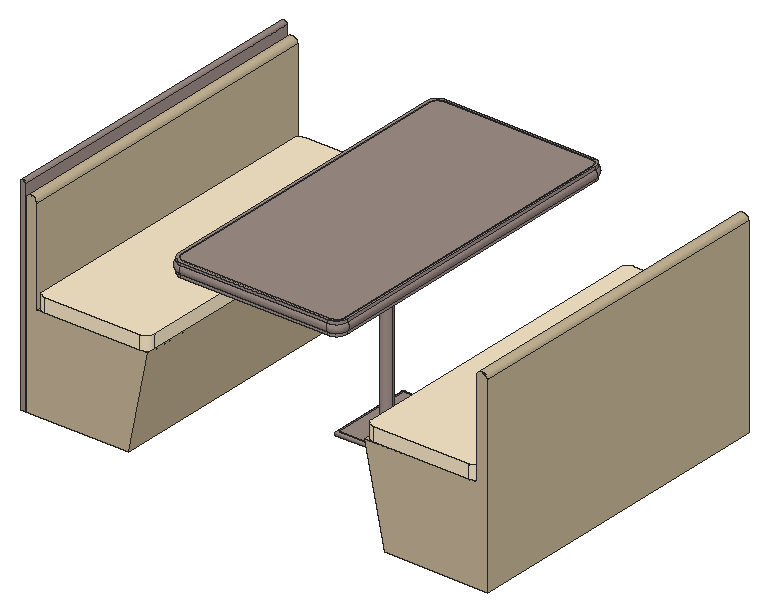
Revit family
Parameters
  Width = 600 mm
  Table material = Wood (1)
  Length = 1200 mm
  Height-table = 700 mm
  Height-chair = 350 mm
  Cushion Material = Fabric
  Chair material = Wood (2)
Reference planes
  plane 1 "Center (Front/Back)": y = 0
  plane 2: z = 0
  plane 3 "Center (Left/Right)": x = 0
  plane 4: x = -300
  plane 5: x = 300
  plane 6: y = 600
  plane 7: y = -600
  plane 8: z = 700
  plane 9: z = 350
  plane 10: x = -400
  plane 11: x = 400
  plane 12: x = -870
Forms (mm)
  Extrusion 1, solid, material "Wood (1)" <- "Table material"
    sketch origin (0, 0, 0) x (1, 0, 0) y (0, 1, 0)
      loop
        line (60, -150) -> (60, 150) -> (-60, 150) -> (-60, -150) -> (60, -150)
    from 0 to 15
  Extrusion 2, solid, material "Wood (1)" <- "Table material"
    sketch origin (0, 0, 700) x (-1, 0, 0) y (0, 1, 0)
      loop
        line (270, 600) -> (-270, 600)
        arc (-270, 600) -> (-291.213, 591.213) -> (-300, 570) r 30
        line (-300, 570) -> (-300, -570)
        arc (-300, -570) -> (-291.213, -591.213) -> (-270, -600) r 30
        line (-270, -600) -> (270, -600)
        arc (270, -600) -> (291.213, -591.213) -> (300, -570) r 30
        line (300, -570) -> (300, 570)
        arc (300, 570) -> (291.213, 591.213) -> (270, 600) r 30
    from 0 to 20
  Extrusion 3, solid, material "Wood (1)" <- "Table material"
    sketch origin (0, 0, 700) x (-1, 0, 0) y (0, 1, 0)
      loop
        line (-10, 550) -> (-10, 10) -> (-250, 10) -> (-250, -10) -> (-10, -10) -> (-10, -550) -> (10, -550) -> (10, -10) -> (250, -10) -> (250, 10) -> (10, 10) -> (10, 550) -> (-10, 550)
    from 20 to 35
  Extrusion 4, solid, material "Wood (1)" <- "Table material"
    sketch origin (0, 0, 0) x (1, 0, 0) y (0, 1, 0)
      loop
        circle (0, 0) r 20
    from 15 to 665
  Sweep 5, solid, material "Wood (1)" <- "Table material"
    path origin (0, 0, 0) x (1, 0, 0) y (0, 1, 0)
      loop
        line (-60, 150) -> (-60, -150) -> (60, -150) -> (60, 150) -> (-60, 150)
    profile origin (0, 0, 0) x (0, 1, 0) y (0, 0, 1)
      loop
        line (150, 15) -> (150, 0)
        arc (150, 0) -> (157.5, 7.5) -> (150, 15) r 7.5
  Extrusion 6, solid, material "Wood (1)"
    sketch origin (0, 0, 0) x (1, 0, 0) y (0, 1, 0)
      loop
        line (-870, 600) -> (-870, -600) -> (-850, -600) -> (-850, 600) -> (-870, 600)
    from 0 to 750
  Extrusion 7, solid, material "Wood (2)"
    sketch origin (0, 0, 0) x (1, 0, 0) y (0, 0, 1)
      loop
        line (-850, 700) -> (-850, 0) -> (-470.531, 0) -> (-400, 350) -> (-810, 350) -> (-810, 700) -> (-850, 700)
      loop
        line (850, 700) -> (810, 700) -> (810, 350) -> (400, 350) -> (470.531, 0) -> (850, 0) -> (850, 700)
    from 600 to -600
  Sweep 8, solid, material "Wood (1)"
    path origin (0, 0, 0) x (1, 0, 0) y (0, 1, 0)
      loop
        line (-860, 600) -> (-860, -600)
    profile origin (0, 0, 0) x (1, 0, 0) y (0, 0, 1)
      loop
        line (-870, 750) -> (-850, 750)
        arc (-850, 750) -> (-860, 760) -> (-870, 750) r 10
  Sweep 9, solid, material "Wood (2)"
    path origin (0, 0, 0) x (1, 0, 0) y (0, 1, 0)
      loop
        line (-830, 600) -> (-830, -600)
    profile origin (0, 0, 0) x (1, 0, 0) y (0, 0, 1)
      loop
        line (-850, 700) -> (-810, 700)
        arc (-810, 700) -> (-830, 720) -> (-850, 700) r 20
  Sweep 10, solid, material "Wood (2)"
    path origin (0, 0, 0) x (1, 0, 0) y (0, 1, 0)
      loop
        line (830, 600) -> (830, -600)
    profile origin (0, 0, 0) x (1, 0, 0) y (0, 0, 1)
      loop
        line (810, 700) -> (850, 700)
        arc (850, 700) -> (830, 720) -> (810, 700) r 20
  Extrusion 11, solid, material "Fabric" <- "Cushion Material"
    sketch origin (0, 0, 350) x (-1, 0, 0) y (0, 1, 0)
      loop
        line (780, 600) -> (430, 600)
        arc (430, 600) -> (408.787, 591.213) -> (400, 570) r 30
        line (400, 570) -> (400, -570)
        arc (400, -570) -> (408.787, -591.213) -> (430, -600) r 30
        line (430, -600) -> (780, -600)
        arc (780, -600) -> (801.213, -591.213) -> (810, -570) r 30
        line (810, -570) -> (810, 570)
        arc (810, 570) -> (801.213, 591.213) -> (780, 600) r 30
      loop
        line (-430, 600) -> (-780, 600)
        arc (-780, 600) -> (-801.213, 591.213) -> (-810, 570) r 30
        line (-810, 570) -> (-810, -570)
        arc (-810, -570) -> (-801.213, -591.213) -> (-780, -600) r 30
        line (-780, -600) -> (-430, -600)
        arc (-430, -600) -> (-408.787, -591.213) -> (-400, -570) r 30
        line (-400, -570) -> (-400, 570)
        arc (-400, 570) -> (-408.787, 591.213) -> (-430, 600) r 30
    from 0 to -50
  Sweep 12, solid, material "Wood (1)" <- "Table material"
    path origin (0, 0, 700) x (-1, 0, 0) y (0, -1, 0)
      loop
        arc (300, 570) -> (291.213, 591.213) -> (270, 600) r 30
        line (270, 600) -> (-270, 600)
        arc (-270, 600) -> (-291.213, 591.213) -> (-300, 570) r 30
        line (-300, 570) -> (-300, -570)
        arc (-300, -570) -> (-291.213, -591.213) -> (-270, -600) r 30
        line (-270, -600) -> (270, -600)
        arc (270, -600) -> (291.213, -591.213) -> (300, -570) r 30
        line (300, -570) -> (300, 570)
    profile origin (0, 0, 0) x (-1, 0, 0) y (0, 0, 1)
      loop
        line (300, 700) -> (300, 650) -> (310, 650) -> (310, 660.487)
        arc (310, 660.487) -> (316.47, 675.249) -> (310, 690.011) r 20.076
        line (310, 690.011) -> (310, 700) -> (300, 700)
Cuts and joins
  joined: Extrusion 7, Sweep 9, Sweep 10
  joined: Extrusion 6, Sweep 8
  joined: Extrusion 3, Extrusion 4
Lines and regions (mm)
  Masking region 1
    outline origin (0, 0, 700) x (-1, 0, 0) y (0, -1, 0)
      loop
        line (870, -600) -> (870, 600) -> (400, 600) -> (400, -600) -> (870, -600)
      loop
        arc (275, -610) -> (299.749, -599.749) -> (310, -575) r 35
        line (310, -575) -> (310, 570)
        arc (310, 570) -> (298.284, 598.284) -> (270, 610) r 40
        line (270, 610) -> (-275, 610)
        arc (-275, 610) -> (-299.749, 599.749) -> (-310, 575) r 35
        line (-310, 575) -> (-310, -575)
        arc (-310, -575) -> (-299.749, -599.749) -> (-275, -610) r 35
        line (-275, -610) -> (275, -610)
      loop
        line (-850, 600) -> (-850, -600) -> (-400, -600) -> (-400, 600) -> (-850, 600)
  symbolic lines
    curve 1: line (-870, 600, 0) -> (-400, 600, 0)
    curve 2: line (-850, -600, 0) -> (-850, 600, 0)
    curve 3: line (-400, -600, 0) -> (-870, -600, 0)
    curve 4: line (-400, 600, 0) -> (-400, -600, 0)
    curve 5: line (400, 600, 0) -> (850, 600, 0)
    curve 6: line (400, -600, 0) -> (400, 600, 0)
    curve 7: line (850, -600, 0) -> (400, -600, 0)
    curve 8: line (850, 600, 0) -> (850, -600, 0)
    curve 9: line (-870, 600, 0) -> (-870, -600, 0)
    curve 10: line (-300, 600, 0) -> (300, 600, 0)
    curve 11: line (-300, -600, 0) -> (-300, 600, 0)
    curve 12: line (300, -600, 0) -> (-300, -600, 0)
    curve 13: line (300, 600, 0) -> (300, -600, 0)
Dimensions and locks
  "Height-table": plane 8 to level
  "Height-chair": plane 9 to level
  "Width": plane 4 to plane 5
  equal spacing: plane 4, plane 3 "Center (Left/Right)", plane 5
  equal spacing: plane 7, plane 1 "Center (Front/Back)", plane 6
  "Length": plane 7 to plane 6
  locked: Extrusion 6 to plane 8 at 50  (x2)
  locked: plane 10 to plane 4 at 100
  locked: plane 5 to plane 11 at 100
  locked: plane 11 to cut or joined group of Extrusion 7, Sweep 9, Sweep 10 at 450
  locked: plane 12 to plane 10 at 470
  aligned and locked: Extrusion 2 sketch curve to plane 6
  aligned and locked: Extrusion 2 sketch curve to plane 5
  aligned and locked: Extrusion 2 to Extrusion 3
  aligned and locked: Extrusion 2 to plane 8
  aligned and locked: Extrusion 4 to Extrusion 1
  aligned and locked: Extrusion 4 to Extrusion 3
  aligned and locked: Sweep 5 sketch curve to Extrusion 1  (x5)
  aligned and locked: Extrusion 1 to Sweep 5 sketch curve
  aligned and locked: Extrusion 6 sketch curve to plane 6
  aligned and locked: Extrusion 6 sketch curve to plane 12
  aligned and locked: Extrusion 6 sketch curve to plane 7
  aligned and locked: plane 8 to Extrusion 7 sketch curve
  aligned and locked: Extrusion 7 sketch curve to Extrusion 6
  aligned and locked: plane 10 to Extrusion 7 sketch curve
  aligned and locked: level to Extrusion 7 sketch curve
  aligned and locked: plane 9 to Extrusion 7 sketch curve
  aligned and locked: Extrusion 6 to Extrusion 7 sketch curve
  aligned and locked: Extrusion 7 to plane 6
  aligned and locked: Extrusion 7 sketch curve to level
  aligned and locked: Extrusion 6 to Sweep 8 sketch curve  (x3)
  aligned and locked: Sweep 8 sketch curve to Extrusion 6
  aligned and locked: Sweep 9 sketch curve to Extrusion 7  (x3)
  aligned and locked: cut or joined group of Extrusion 7, Sweep 9, Sweep 10 to Sweep 10 sketch curve  (x2)
  aligned and locked: Sweep 10 sketch curve to cut or joined group of Extrusion 7, Sweep 9, Sweep 10  (x3)
  aligned and locked: plane 7 to Extrusion 7
  aligned and locked: Extrusion 11 sketch curve to cut or joined group of Extrusion 7, Sweep 9, Sweep 10  (x3)
  aligned and locked: Extrusion 11 to plane 9
  aligned and locked: Sweep 12 sketch curve to Extrusion 2  (x5)
  aligned and locked: Extrusion 2 to Sweep 12 sketch curve
  aligned and locked: Sweep 12 sketch curve to Sweep 12 sketch curve
  aligned and locked: curve 1 to cut or joined group of Extrusion 7, Sweep 9, Sweep 10
  aligned and locked: cut or joined group of Extrusion 7, Sweep 9, Sweep 10 to curve 8
  aligned and locked: curve 8 to cut or joined group of Extrusion 7, Sweep 9, Sweep 10
  aligned and locked: curve 6 to plane 11
  aligned and locked: curve 9 to plane 6
  aligned and locked: curve 9 to plane 12
  aligned and locked: plane 4 to curve 10
  aligned and locked: curve 10 to plane 6
  aligned and locked: plane 7 to curve 13
  aligned and locked: curve 13 to plane 5
  aligned and locked: Masking region 1 sketch curve to curve 1
  aligned and locked: Masking region 1 sketch curve to curve 4
  aligned and locked: Masking region 1 sketch curve to curve 3
  aligned and locked: Masking region 1 sketch curve to cut or joined group of Extrusion 6, Sweep 8
  aligned and locked: Masking region 1 sketch curve to Sweep 12  (x4)
  aligned and locked: Masking region 1 sketch curve to curve 7
  aligned and locked: Masking region 1 sketch curve to curve 6
  aligned and locked: Masking region 1 sketch curve to curve 5
  aligned and locked: Masking region 1 sketch curve to curve 8
Automatic sketch dimensions
  Extrusion 1 sketch curve to plane 3 "Center (Left/Right)" = 60 mm
  plane 3 "Center (Left/Right)" to Extrusion 1 sketch curve = 60 mm
  plane 1 "Center (Front/Back)" to Extrusion 1 sketch curve = 150 mm
  Extrusion 1 sketch curve to plane 1 "Center (Front/Back)" = 150 mm
  Extrusion 3 sketch curve to plane 1 "Center (Front/Back)" = 10 mm  (x2)
  Extrusion 3 sketch curve to plane 5 = 50 mm
  plane 3 "Center (Left/Right)" to Extrusion 3 sketch curve = 10 mm  (x2)
  Extrusion 3 sketch curve to plane 3 "Center (Left/Right)" = 10 mm  (x2)
  plane 4 to Extrusion 3 sketch curve = 50 mm
  plane 6 to Extrusion 3 sketch curve = 50 mm
  Extrusion 3 sketch curve to plane 7 = 50 mm
  plane 1 "Center (Front/Back)" to Extrusion 3 sketch curve = 10 mm  (x2)
  Extrusion 4 sketch curve to plane 1 "Center (Front/Back)" = 0 mm
  Extrusion 4 sketch curve to plane 3 "Center (Left/Right)" = 0 mm
  Extrusion 2 sketch curve to plane 7 = 0 mm
  Extrusion 2 sketch curve to plane 4 = 0 mm
  Extrusion 2 sketch curve to plane 5 = 30 mm  (x2)
  plane 4 to Extrusion 2 sketch curve = 30 mm
  Extrusion 2 sketch curve to Extrusion 2 sketch curve = 30 mm
  Sweep 5 sketch curve to level = 0 mm
  plane 12 to Extrusion 6 sketch curve = 20 mm
  Extrusion 7 sketch curve to Extrusion 7 sketch curve = 40 mm
  Extrusion 7 sketch curve to plane 10 = 70.531 mm
  Extrusion 7 sketch curve to plane 9 = 0 mm
  Extrusion 7 sketch curve to plane 11 = 0 mm
  Extrusion 7 sketch curve to plane 8 = 0 mm
  plane 11 to Extrusion 7 sketch curve = 70.531 mm
  plane 12 to Sweep 8 sketch curve = 10 mm
  Sweep 8 sketch curve to profile plane = 0 mm
  plane 12 to Sweep 9 sketch curve = 40 mm
  Sweep 9 sketch curve to profile plane = 0 mm
  profile plane to Sweep 9 sketch curve = 20 mm
  plane 11 to Extrusion 7 sketch curve = 410 mm
  Extrusion 7 sketch curve to Extrusion 7 sketch curve = 379.469 mm
  plane 11 to Sweep 10 sketch curve = 430 mm
  Extrusion 11 sketch curve to plane 7 = 0 mm  (x2)
  Extrusion 11 sketch curve to plane 11 = 0 mm
  Extrusion 11 sketch curve to plane 10 = 0 mm
  Extrusion 11 sketch curve to Extrusion 11 sketch curve = 30 mm  (x4)
  Extrusion 11 sketch curve to plane 7 = 30 mm
  plane 11 to Extrusion 11 sketch curve = 30 mm  (x2)
  plane 12 to Extrusion 11 sketch curve = 90 mm  (x2)
  Sweep 12 sketch curve to plane 5 = 30 mm
  profile plane to Sweep 12 sketch curve = 3.607 mm
  Sweep 12 sketch curve to profile plane = 10 mm
  plane 8 to Sweep 12 sketch curve = 9.989 mm
  Sweep 12 sketch curve to Sweep 12 sketch curve = 14.762 mm
  Sweep 12 sketch curve to Sweep 12 sketch curve = 10.487 mm
  curve 3 to plane 12 = 0 mm
  curve 1 to plane 12 = 0 mm
  curve 4 to plane 10 = 0 mm
  curve 9 to plane 7 = 0 mm
  plane 12 to curve 2 = 20 mm
  curve 2 to plane 7 = 0 mm
  curve 6 to plane 6 = 0 mm
  Masking region 1 sketch curve to plane 5 = 25 mm  (x2)
  plane 4 to Masking region 1 sketch curve = 30 mm
  plane 4 to Masking region 1 sketch curve = 25 mm
  radius of Extrusion 4 sketch curve = 20 mm
